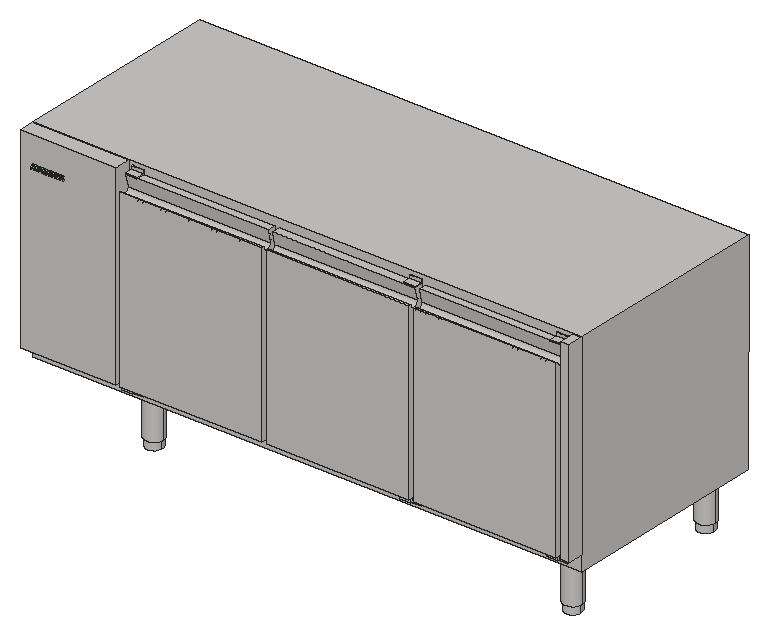
Revit family "QF_ALPENINOX_721123_AA3R7AAA", category Attrezzature speciali, Revit 2018
Family settings
  Quota connettore circolare = Usa diametro
  Tipo di parte = Normale
  Basato su piano di lavoro = No
  Sempre verticale = Sì
  Taglio con vuoti quando caricato = No
  Condiviso = No
  Punto di calcolo locali = No
Parameters (values of type "Standard")
  Weight = 110.00 kg
  Watts = 220 W
  Volts = 220 V
  URL Manufacturer = "http://www.alpeninox.com"
  URL = "http://www.alpeninox.com"
  Steam Supply Size = 0 mm
  Steam Supply Minimum Pressure = 0.0 Pa
  Steam Supply Maximum Pressure = 0.0 Pa
  Steam Consumption per Hour = 0
  Refrigeration Suction Line Size = 0 mm
  Refrigeration Liquid Line Size = 0 mm
  Refrigerant Compressor Remote = yes
  Produttore = "Alpeninox"
  Phase = 1
  Modello = "AA3R7AAA"
  Length Actual = 1695 mm  # constant formula
  Item Number = "721123"
  Hot Water Size = 0 mm
  Height Actual = 800 mm  # constant formula
  HP = "0.3 HP"
  Gas Size = 0 mm
  Gas KW = 0
  Gas Input Pressure = 0 W
  Direct Waste Size = 0 mm
  Descrizione = "3-DOOR REFRIGERATED COUNTER, -2+10°C, FULL AISI 304 (R290), WITHOUT WORK TOP"
  Depth Actual = 700 mm  # constant formula
  Cycle = 50 Hz
  Condensate Return Size = 0 mm
  Compressed Air Volume = 0.0 L/s
  Compressed Air Size = 0 mm
  Compressed Air Pressure = 0.0 Pa
  Cold Water Size = 0 mm
  Accessory = yes
Values of the unnamed type that differ from the named types
  Weight = 0.00 kg
  Watts = 0 W
  Volts = 0 V
  URL Manufacturer = ""
  Item Number = ""
  HP = ""
  Cycle = 0 Hz
Reference planes
  plane 1: z = 0
  plane 2 "Center (Left/Right)": x = -126.5
  plane 3 "Center (Front/Back)": y = 64.5
  plane 4 "FEET": z = 150
  plane 5 "TOP": z = 850
  plane 6 "PLAIN": z = 800
  plane 7 "EI_back": y = 103
  plane 8 "EI_left": x = -913
  plane 9 "BACK": y = 412
  plane 10 "FRONT": y = -283
  plane 11 "DOOR": y = -233
  plane 12 "LEFT": x = -974
  plane 13 "RIGHT": x = 721
  plane 14: x = -949
  plane 15: x = 696
Forms (mm)
  Extrusion 1, solid, material "QF_Finishes_Stainless Steel"
    sketch origin (-1022.223, -1524, 150) x (-1, 0, 0) y (0, -1, 0)
      loop
        circle (-109.223, -1627) r 5
    from 0 to -40
  Extrusion 2, solid, material "QF_Finishes_Stainless Steel"
    sketch origin (-1022.223, -1524, 150) x (-1, 0, 0) y (0, -1, 0)
      loop
        line (-1718.223, -1291) -> (-1718.223, -1241) -> (-1743.223, -1241) -> (-1743.223, -1291) -> (-1718.223, -1291)
    from 48 to 650
  Extrusion 3, solid, material "QF_Finishes_Stainless Steel"
    sketch origin (-1022.223, -1524, 150) x (-1, 0, 0) y (0, -1, 0)
      loop
        line (-48.223, -1936) -> (-48.223, -1291) -> (-1743.223, -1291) -> (-1743.223, -1936) -> (-48.223, -1936)
    from 0 to 650
Lines and regions (mm)
  symbolic lines, style "SpecialityEquipmentHiddenLines"
    curve 1: line (-974, 412, 150) -> (721, 412, 150)
    curve 2: line (-974, -283, 150) -> (-974, 412, 150)
    curve 3: line (721, -283, 150) -> (-974, -283, 150)
    curve 4: line (721, 412, 150) -> (721, -283, 150)
    curve 5: line (-974, -233, 150) -> (721, -233, 150)
    curve 6: line (696, -283, 150) -> (696, -233, 150)
Dimensions and locks
  plane 4 "FEET" to level = 150 mm
  plane 11 "DOOR" to plane 10 "FRONT" = 50 mm
  plane 6 "PLAIN" to plane 4 "FEET" = 650 mm
  plane 5 "TOP" to plane 6 "PLAIN" = 50 mm
  plane 12 "LEFT" to plane 14 = 25 mm
  plane 15 to plane 13 "RIGHT" = 25 mm
  plane 9 "BACK" to plane 7 "EI_back" = 309 mm
  plane 12 "LEFT" to plane 8 "EI_left" = 61 mm
  plane 12 "LEFT" to plane 13 "RIGHT" = 1695 mm
  equal spacing: plane 12 "LEFT", plane 2 "Center (Left/Right)", plane 13 "RIGHT"
  plane 9 "BACK" to plane 10 "FRONT" = 695 mm
  equal spacing: plane 9 "BACK", plane 3 "Center (Front/Back)", plane 10 "FRONT"
  aligned and locked: level to plane 1
Automatic sketch dimensions
  Extrusion 1 sketch curve to plane 7 "EI_back" = 0 mm
  Extrusion 1 sketch curve to plane 8 "EI_left" = 0 mm
  Extrusion 2 sketch curve to plane 11 "DOOR" = 0 mm
  Extrusion 2 sketch curve to plane 13 "RIGHT" = 0 mm
  Extrusion 2 sketch curve to plane 10 "FRONT" = 0 mm
  Extrusion 2 sketch curve to plane 15 = 0 mm
  Extrusion 3 sketch curve to plane 9 "BACK" = 0 mm
  Extrusion 3 sketch curve to plane 13 "RIGHT" = 0 mm
  Extrusion 3 sketch curve to plane 11 "DOOR" = 0 mm
  Extrusion 3 sketch curve to plane 12 "LEFT" = 0 mm
  curve 1 to plane 13 "RIGHT" = 0 mm
  curve 6 to plane 10 "FRONT" = 0 mm
  curve 6 to plane 15 = 0 mm
  curve 5 to plane 12 "LEFT" = 0 mm
  curve 6 to plane 11 "DOOR" = 0 mm
  curve 1 to plane 9 "BACK" = 0 mm
  radius of Extrusion 1 sketch curve = 5 mm
Nested families
  nested 1: "HP_Refrigerator" at (721, -283, 0), type "HP_Refrigerator"
  nested 2: "HP_FEET" at (-640, 331, 0), type "HP_FEET"
  nested 3: "HP_FEET" at (655, 331, 0), type "HP_FEET"
  nested 4: "HP_FEET" at (-640, -183, 0), type "HP_FEET"
  nested 5: "HP_FEET" at (655, -183, 0), type "HP_FEET"
  nested 6: "HP_APX_BI_TN_L" at (-767.08, -233, 548) x (1, 0, 0) z (0, -1, 0), type "HP_APX_BI_TN_L"
    with Show Logo yes
  nested 7: "HP_APX_SD_L" at (-446, -233, 458.88) x (1, 0, 0) z (0, -1, 0), type "HP_APX_SD_L"
    with Show Clearance yes
  nested 8: "HP_APX_SD_R" at (8, -233, 458.88) x (1, 0, 0) z (0, -1, 0), type "HP_APX_SD_R"
    with Show Clearance yes
  nested 9: "HP_APX_SD_R" at (462, -233, 458.88) x (1, 0, 0) z (0, -1, 0), type "HP_APX_SD_R"
    with Show Clearance yes
Connectors
  electrical at (-913, 103, 110), driven by "Volts"
    settings: on Extrusion 1, index 1, voltage 220 V, apparent load 0 VA, apparent load phase1 0 VA, apparent load phase2 0 VA, apparent load phase3 0 VA, power factor 1, load classification "Other", number of poles 1, system type 31, power factor state 1, is connector primary yes, connector utility no, sub classification motor no, connector description "Electrical Connection"
Definition of nested family "HP_FEET"
  Parameters
    FEET = 150 mm
  Reference planes
    plane 1 "Center (Front/Back)": y = 0
    plane 2: z = 0
    plane 3 "Center (Left/Right)": x = 0
    plane 4: z = 150
  Forms (mm)
    Revolve 1, solid
      sketch origin (255.05, 0, 608.09) x (0, 0, 1) y (-1, 0, 0)
        loop
          line (-608.09, 255.05) -> (-608.09, 230.05) -> (-583.09, 230.05) -> (-583.09, 226.05) -> (-458.09, 226.05) -> (-458.09, 255.05) -> (-608.09, 255.05)
        axis (-608.09, 255.05) -> (-458.09, 255.05)
      angle from 0 to 360
  Dimensions and locks
    locked: Revolve 1 sketch curve to Revolve 1 sketch curve at 125
    "FEET": plane 4 to plane 2
    aligned and locked: level to plane 2
    aligned and locked: plane 4 to Revolve 1 sketch curve
    aligned and locked: Revolve 1 sketch curve to level
    aligned and locked: plane 3 "Center (Left/Right)" to Revolve 1 sketch curve
  Automatic sketch dimensions
    Revolve 1 sketch curve to plane 3 "Center (Left/Right)" = 0 mm
    Revolve 1 sketch curve to Revolve 1 sketch curve = 25 mm
    Revolve 1 sketch curve to Revolve 1 sketch curve = 29 mm
    plane 4 to Revolve 1 sketch curve = 50 mm
    Revolve 1 sketch curve to Revolve 1 sketch curve = 20 mm
Definition of nested family "HP_APX_BI_TN_L"
  Parameters
    Show Logo [instance] = yes
    Default Elevation = 1219.2 mm
  Reference planes
    plane 1 "Center (Front/Back)": y = -49
    plane 2: z = 0
    plane 3 "Center (Left/Right)": x = -59.92
    plane 4: x = -206.92
    plane 5: x = 87.08
    plane 6: y = 252
    plane 7: y = -350
  Forms (mm)
    Extrusion 1, solid
      sketch origin (0, 0, 0) x (1, 0, 0) y (0, 1, 0)
        loop
          line (-1219.2, 1219.2) -> (-1219.2, -1219.2) -> (1219.2, -1219.2) -> (1219.2, 1219.2) -> (-1219.2, 1219.2)
      from 0 to -304.8
    Extrusion 2, solid
      sketch origin (0, 0, 0) x (1, 0, 0) y (0, 1, 0)
        loop
          line (-206.92, 252) -> (-206.92, -350) -> (87.08, -350) -> (87.08, 252) -> (-206.92, 252)
      from 0 to 50
    Extrusion 3, solid
      sketch origin (0, 0, 0) x (1, 0, 0) y (0, 1, 0)
        loop
          line (-168.675, 170.349) -> (-172.411, 160.318)
          arc (-172.411, 160.318) -> (-171.624, 158.497) -> (-169.837, 159.36) r 1.374
          line (-169.837, 159.36) -> (-169.268, 161.111) -> (-164.1, 161.111) -> (-163.54, 159.379)
          arc (-163.54, 159.379) -> (-161.802, 158.542) -> (-161.049, 160.318) r 1.333
          line (-161.049, 160.318) -> (-164.694, 170.349)
          arc (-164.694, 170.349) -> (-166.685, 171.876) -> (-168.675, 170.349) r 2.06
        loop
          line (-166.681, 169.055) -> (-168.469, 163.655) -> (-164.935, 163.655) -> (-166.681, 169.055)
        loop
          arc (-159.705, 160.042) -> (-159.262, 158.973) -> (-158.194, 158.531) r 1.512
          line (-158.194, 158.531) -> (-153.608, 158.531)
          arc (-153.608, 158.531) -> (-152.337, 159.802) -> (-153.608, 161.074) r 1.272
          line (-153.608, 161.074) -> (-156.917, 161.074) -> (-156.917, 170.328)
          arc (-156.917, 170.328) -> (-158.311, 171.722) -> (-159.705, 170.328) r 1.394
          line (-159.705, 170.328) -> (-159.705, 160.042)
        loop
          line (-151.076, 170.218) -> (-151.076, 159.859)
          arc (-151.076, 159.859) -> (-149.683, 158.466) -> (-148.29, 159.859) r 1.393
          line (-148.29, 159.859) -> (-148.29, 162.882) -> (-146.225, 162.882)
          arc (-146.225, 162.882) -> (-142.999, 163.859) -> (-141.608, 166.928) r 4.082
          arc (-141.608, 166.928) -> (-142.993, 170.272) -> (-146.336, 171.657) r 4.728
          line (-146.336, 171.657) -> (-149.638, 171.657)
          arc (-149.638, 171.657) -> (-150.655, 171.235) -> (-151.076, 170.218) r 1.439
        loop
          line (-148.29, 165.313) -> (-146.388, 165.313)
          arc (-146.388, 165.313) -> (-144.433, 167.268) -> (-146.388, 169.222) r 1.955
          line (-146.388, 169.222) -> (-148.29, 169.222) -> (-148.29, 165.313)
        loop
          arc (-131.184, 166.332) -> (-132.004, 168.2) -> (-133.767, 169.228) r 3.3
          arc (-133.767, 169.228) -> (-136.353, 168.661) -> (-137.611, 166.332) r 3.176
          line (-137.611, 166.332) -> (-131.184, 166.332)
        loop
          line (-137.538, 163.743) -> (-130.544, 163.743)
          arc (-130.544, 163.743) -> (-129.292, 163.916) -> (-128.301, 164.701) r 2.4
          arc (-128.301, 164.701) -> (-128.155, 165.545) -> (-128.212, 166.399) r 3.635
          arc (-128.212, 166.399) -> (-130.364, 170.162) -> (-134.39, 171.769) r 6.579
          arc (-134.39, 171.769) -> (-138.918, 169.706) -> (-140.661, 165.044) r 6.501
          arc (-140.661, 165.044) -> (-139.276, 160.789) -> (-135.401, 158.549) r 6.252
          arc (-135.401, 158.549) -> (-132.922, 158.526) -> (-130.544, 159.232) r 8.361
          arc (-130.544, 159.232) -> (-129.466, 159.781) -> (-128.641, 160.666) r 3.486
          arc (-128.641, 160.666) -> (-128.419, 161.592) -> (-128.828, 162.451) r 1.425
          arc (-128.828, 162.451) -> (-129.368, 162.762) -> (-129.99, 162.762) r 1.203
          arc (-129.99, 162.762) -> (-130.406, 162.59) -> (-130.764, 162.316) r 1.724
          arc (-130.764, 162.316) -> (-131.666, 161.705) -> (-132.646, 161.229) r 7.6
          arc (-132.646, 161.229) -> (-135.676, 161.35) -> (-137.538, 163.743) r 3.6
        loop
          line (-126.669, 170.328) -> (-126.669, 159.859)
          arc (-126.669, 159.859) -> (-125.273, 158.463) -> (-123.878, 159.859) r 1.396
          line (-123.878, 159.859) -> (-123.878, 166.785) -> (-117.946, 159.029)
          arc (-117.946, 159.029) -> (-116.361, 158.51) -> (-115.379, 159.859) r 1.417
          line (-115.379, 159.859) -> (-115.379, 170.328)
          arc (-115.379, 170.328) -> (-116.774, 171.723) -> (-118.169, 170.328) r 1.395
          line (-118.169, 170.328) -> (-118.169, 163.311) -> (-124.101, 171.157)
          arc (-124.101, 171.157) -> (-125.687, 171.678) -> (-126.669, 170.328) r 1.418
        loop
          arc (-113.636, 159.859) -> (-112.241, 158.464) -> (-110.847, 159.859) r 1.394
          line (-110.847, 159.859) -> (-110.847, 170.328)
          arc (-110.847, 170.328) -> (-112.241, 171.723) -> (-113.636, 170.328) r 1.394
          line (-113.636, 170.328) -> (-113.636, 159.859)
        loop
          line (-109.102, 170.328) -> (-109.102, 159.859)
          arc (-109.102, 159.859) -> (-107.706, 158.463) -> (-106.31, 159.859) r 1.396
          line (-106.31, 159.859) -> (-106.31, 166.785) -> (-100.378, 159.029)
          arc (-100.378, 159.029) -> (-98.793, 158.51) -> (-97.812, 159.859) r 1.417
          line (-97.812, 159.859) -> (-97.812, 170.328)
          arc (-97.812, 170.328) -> (-99.207, 171.723) -> (-100.602, 170.328) r 1.395
          line (-100.602, 170.328) -> (-100.602, 163.311) -> (-106.533, 171.157)
          arc (-106.533, 171.157) -> (-108.119, 171.678) -> (-109.102, 170.328) r 1.418
        loop
          arc (-96.345, 165.093) -> (-95.619, 161.877) -> (-93.467, 159.379) r 6.806
          arc (-93.467, 159.379) -> (-91.792, 158.566) -> (-89.948, 158.31) r 5.956
          arc (-89.948, 158.31) -> (-88.104, 158.566) -> (-86.43, 159.379) r 5.956
          arc (-86.43, 159.379) -> (-84.277, 161.877) -> (-83.551, 165.093) r 6.806
          arc (-83.551, 165.093) -> (-84.277, 168.31) -> (-86.43, 170.808) r 6.806
          arc (-86.43, 170.808) -> (-88.104, 171.621) -> (-89.948, 171.877) r 5.956
          arc (-89.948, 171.877) -> (-91.792, 171.621) -> (-93.467, 170.808) r 5.956
          arc (-93.467, 170.808) -> (-95.619, 168.31) -> (-96.345, 165.093) r 6.806
        loop
          arc (-93.425, 165.093) -> (-93.138, 163.212) -> (-92.081, 161.629) r 4.387
          arc (-92.081, 161.629) -> (-91.087, 161.049) -> (-89.948, 160.881) r 3.035
          arc (-89.948, 160.881) -> (-88.809, 161.049) -> (-87.815, 161.629) r 3.035
          arc (-87.815, 161.629) -> (-86.759, 163.212) -> (-86.472, 165.093) r 4.387
          arc (-86.472, 165.093) -> (-86.759, 166.975) -> (-87.815, 168.558) r 4.387
          arc (-87.815, 168.558) -> (-88.809, 169.138) -> (-89.948, 169.306) r 3.035
          arc (-89.948, 169.306) -> (-91.087, 169.138) -> (-92.081, 168.558) r 3.035
          arc (-92.081, 168.558) -> (-93.138, 166.975) -> (-93.425, 165.093) r 4.387
        loop
          line (-83.139, 169.609) -> (-80.126, 165.552) -> (-83.81, 160.652)
          arc (-83.81, 160.652) -> (-83.512, 158.692) -> (-81.559, 159.029) r 1.388
          line (-81.559, 159.029) -> (-78.51, 163.232) -> (-75.461, 159.029)
          arc (-75.461, 159.029) -> (-73.507, 158.692) -> (-73.21, 160.652) r 1.388
          line (-73.21, 160.652) -> (-76.894, 165.552) -> (-73.881, 169.609)
          arc (-73.881, 169.609) -> (-74.249, 171.597) -> (-76.205, 171.084) r 1.38
          line (-76.205, 171.084) -> (-78.51, 167.841) -> (-80.815, 171.084)
          arc (-80.815, 171.084) -> (-82.771, 171.597) -> (-83.139, 169.609) r 1.38
      from 50 to 51.6
    Extrusion 4, solid, not visible
      sketch origin (0, 0, 0) x (1, 0, 0) y (0, 1, 0)
        loop
          line (-206.92, 252) -> (-206.92, -400) -> (87.08, -400) -> (87.08, 252) -> (-206.92, 252)
      from 0 to 50
  Lines and regions (mm)
    Split face 1
      outline origin (0, 0, 50) x (1, 0, 0) y (0, 1, 0)
        loop
          line (87.08, 183) -> (-172.92, 183)
          arc (-172.92, 183) -> (-190.42, 165.5) -> (-172.92, 148) r 17.5
          line (-172.92, 148) -> (87.08, 148)
    Split face 2
      outline origin (-38, 0, 50) x (1, 0, 0) y (0, 1, 0)
        loop
          line (-5.42, 177) -> (-5.42, 154) -> (64.58, 154) -> (64.58, 177) -> (-5.42, 177)
    Split face 3
      outline origin (-38, 0, 50) x (1, 0, 0) y (0, 1, 0)
        loop
          line (44.58, 174) -> (44.58, 157) -> (61.58, 157) -> (61.58, 174) -> (44.58, 174)
    Split face 4
      outline origin (0, 0, 50) x (1, 0, 0) y (0, 1, 0)
        loop
          line (-206.92, 188) -> (87.08, 188)
    Split face 5
      outline origin (0, 0, 50) x (1, 0, 0) y (0, 1, 0)
        loop
          arc (-163.464, 131.824) -> (-167.464, 127.824) -> (-163.464, 123.824) r 4
          line (-163.464, 123.824) -> (-121.464, 123.824)
          arc (-121.464, 123.824) -> (-117.464, 127.824) -> (-121.464, 131.824) r 4
          line (-121.464, 131.824) -> (-163.464, 131.824)
    Split face 6
      outline origin (330, 0, 50) x (1, 0, 0) y (0, 1, 0)
        loop
          arc (-328.464, 131.824) -> (-332.464, 127.824) -> (-328.464, 123.824) r 4
          line (-328.464, 123.824) -> (-286.464, 123.824)
          arc (-286.464, 123.824) -> (-282.464, 127.824) -> (-286.464, 131.824) r 4
          line (-286.464, 131.824) -> (-328.464, 131.824)
    Split face 7
      outline origin (110, 0, 50) x (1, 0, 0) y (0, 1, 0)
        loop
          arc (-218.464, 131.824) -> (-222.464, 127.824) -> (-218.464, 123.824) r 4
          line (-218.464, 123.824) -> (-176.464, 123.824)
          arc (-176.464, 123.824) -> (-172.464, 127.824) -> (-176.464, 131.824) r 4
          line (-176.464, 131.824) -> (-218.464, 131.824)
    Split face 8
      outline origin (220, 0, 50) x (1, 0, 0) y (0, 1, 0)
        loop
          arc (-273.464, 131.824) -> (-277.464, 127.824) -> (-273.464, 123.824) r 4
          line (-273.464, 123.824) -> (-231.464, 123.824)
          arc (-231.464, 123.824) -> (-227.464, 127.824) -> (-231.464, 131.824) r 4
          line (-231.464, 131.824) -> (-273.464, 131.824)
    Split face 9, not visible
      outline origin (0, 0, 50) x (1, 0, 0) y (0, 1, 0)
        loop
          arc (-163.464, 131.824) -> (-167.464, 127.824) -> (-163.464, 123.824) r 4
          line (-163.464, 123.824) -> (-121.464, 123.824)
          arc (-121.464, 123.824) -> (-117.464, 127.824) -> (-121.464, 131.824) r 4
          line (-121.464, 131.824) -> (-163.464, 131.824)
    Split face 10
      outline origin (0, -24, 50) x (1, 0, 0) y (0, 1, 0)
        loop
          arc (-163.464, 143.824) -> (-167.464, 139.824) -> (-163.464, 135.824) r 4
          line (-163.464, 135.824) -> (-121.464, 135.824)
          arc (-121.464, 135.824) -> (-117.464, 139.824) -> (-121.464, 143.824) r 4
          line (-121.464, 143.824) -> (-163.464, 143.824)
    Split face 11
      outline origin (330, -24, 50) x (1, 0, 0) y (0, 1, 0)
        loop
          arc (-328.464, 143.824) -> (-332.464, 139.824) -> (-328.464, 135.824) r 4
          line (-328.464, 135.824) -> (-286.464, 135.824)
          arc (-286.464, 135.824) -> (-282.464, 139.824) -> (-286.464, 143.824) r 4
          line (-286.464, 143.824) -> (-328.464, 143.824)
    Split face 12
      outline origin (110, -24, 50) x (1, 0, 0) y (0, 1, 0)
        loop
          arc (-218.464, 143.824) -> (-222.464, 139.824) -> (-218.464, 135.824) r 4
          line (-218.464, 135.824) -> (-176.464, 135.824)
          arc (-176.464, 135.824) -> (-172.464, 139.824) -> (-176.464, 143.824) r 4
          line (-176.464, 143.824) -> (-218.464, 143.824)
    Split face 13
      outline origin (220, -24, 50) x (1, 0, 0) y (0, 1, 0)
        loop
          arc (-273.464, 143.824) -> (-277.464, 139.824) -> (-273.464, 135.824) r 4
          line (-273.464, 135.824) -> (-231.464, 135.824)
          arc (-231.464, 135.824) -> (-227.464, 139.824) -> (-231.464, 143.824) r 4
          line (-231.464, 143.824) -> (-273.464, 143.824)
    Split face 14
      outline origin (0, -48, 50) x (1, 0, 0) y (0, 1, 0)
        loop
          arc (-163.464, 155.824) -> (-167.464, 151.824) -> (-163.464, 147.824) r 4
          line (-163.464, 147.824) -> (-121.464, 147.824)
          arc (-121.464, 147.824) -> (-117.464, 151.824) -> (-121.464, 155.824) r 4
          line (-121.464, 155.824) -> (-163.464, 155.824)
    Split face 15
      outline origin (330, -48, 50) x (1, 0, 0) y (0, 1, 0)
        loop
          arc (-328.464, 155.824) -> (-332.464, 151.824) -> (-328.464, 147.824) r 4
          line (-328.464, 147.824) -> (-286.464, 147.824)
          arc (-286.464, 147.824) -> (-282.464, 151.824) -> (-286.464, 155.824) r 4
          line (-286.464, 155.824) -> (-328.464, 155.824)
    Split face 16
      outline origin (110, -48, 50) x (1, 0, 0) y (0, 1, 0)
        loop
          arc (-218.464, 155.824) -> (-222.464, 151.824) -> (-218.464, 147.824) r 4
          line (-218.464, 147.824) -> (-176.464, 147.824)
          arc (-176.464, 147.824) -> (-172.464, 151.824) -> (-176.464, 155.824) r 4
          line (-176.464, 155.824) -> (-218.464, 155.824)
    Split face 17
      outline origin (220, -48, 50) x (1, 0, 0) y (0, 1, 0)
        loop
          arc (-273.464, 155.824) -> (-277.464, 151.824) -> (-273.464, 147.824) r 4
          line (-273.464, 147.824) -> (-231.464, 147.824)
          arc (-231.464, 147.824) -> (-227.464, 151.824) -> (-231.464, 155.824) r 4
          line (-231.464, 155.824) -> (-273.464, 155.824)
    Split face 18
      outline origin (0, -72, 50) x (1, 0, 0) y (0, 1, 0)
        loop
          arc (-163.464, 167.824) -> (-167.464, 163.824) -> (-163.464, 159.824) r 4
          line (-163.464, 159.824) -> (-121.464, 159.824)
          arc (-121.464, 159.824) -> (-117.464, 163.824) -> (-121.464, 167.824) r 4
          line (-121.464, 167.824) -> (-163.464, 167.824)
    Split face 19
      outline origin (330, -72, 50) x (1, 0, 0) y (0, 1, 0)
        loop
          arc (-328.464, 167.824) -> (-332.464, 163.824) -> (-328.464, 159.824) r 4
          line (-328.464, 159.824) -> (-286.464, 159.824)
          arc (-286.464, 159.824) -> (-282.464, 163.824) -> (-286.464, 167.824) r 4
          line (-286.464, 167.824) -> (-328.464, 167.824)
    Split face 20
      outline origin (110, -72, 50) x (1, 0, 0) y (0, 1, 0)
        loop
          arc (-218.464, 167.824) -> (-222.464, 163.824) -> (-218.464, 159.824) r 4
          line (-218.464, 159.824) -> (-176.464, 159.824)
          arc (-176.464, 159.824) -> (-172.464, 163.824) -> (-176.464, 167.824) r 4
          line (-176.464, 167.824) -> (-218.464, 167.824)
    Split face 21
      outline origin (220, -72, 50) x (1, 0, 0) y (0, 1, 0)
        loop
          arc (-273.464, 167.824) -> (-277.464, 163.824) -> (-273.464, 159.824) r 4
          line (-273.464, 159.824) -> (-231.464, 159.824)
          arc (-231.464, 159.824) -> (-227.464, 163.824) -> (-231.464, 167.824) r 4
          line (-231.464, 167.824) -> (-273.464, 167.824)
    Split face 22
      outline origin (0, -96, 50) x (1, 0, 0) y (0, 1, 0)
        loop
          arc (-163.464, 179.824) -> (-167.464, 175.824) -> (-163.464, 171.824) r 4
          line (-163.464, 171.824) -> (-121.464, 171.824)
          arc (-121.464, 171.824) -> (-117.464, 175.824) -> (-121.464, 179.824) r 4
          line (-121.464, 179.824) -> (-163.464, 179.824)
    Split face 23
      outline origin (330, -96, 50) x (1, 0, 0) y (0, 1, 0)
        loop
          arc (-328.464, 179.824) -> (-332.464, 175.824) -> (-328.464, 171.824) r 4
          line (-328.464, 171.824) -> (-286.464, 171.824)
          arc (-286.464, 171.824) -> (-282.464, 175.824) -> (-286.464, 179.824) r 4
          line (-286.464, 179.824) -> (-328.464, 179.824)
    Split face 24
      outline origin (110, -96, 50) x (1, 0, 0) y (0, 1, 0)
        loop
          arc (-218.464, 179.824) -> (-222.464, 175.824) -> (-218.464, 171.824) r 4
          line (-218.464, 171.824) -> (-176.464, 171.824)
          arc (-176.464, 171.824) -> (-172.464, 175.824) -> (-176.464, 179.824) r 4
          line (-176.464, 179.824) -> (-218.464, 179.824)
    Split face 25
      outline origin (220, -96, 50) x (1, 0, 0) y (0, 1, 0)
        loop
          arc (-273.464, 179.824) -> (-277.464, 175.824) -> (-273.464, 171.824) r 4
          line (-273.464, 171.824) -> (-231.464, 171.824)
          arc (-231.464, 171.824) -> (-227.464, 175.824) -> (-231.464, 179.824) r 4
          line (-231.464, 179.824) -> (-273.464, 179.824)
    Split face 26
      outline origin (0, -120, 50) x (1, 0, 0) y (0, 1, 0)
        loop
          arc (-163.464, 191.824) -> (-167.464, 187.824) -> (-163.464, 183.824) r 4
          line (-163.464, 183.824) -> (-121.464, 183.824)
          arc (-121.464, 183.824) -> (-117.464, 187.824) -> (-121.464, 191.824) r 4
          line (-121.464, 191.824) -> (-163.464, 191.824)
    Split face 27
      outline origin (330, -120, 50) x (1, 0, 0) y (0, 1, 0)
        loop
          arc (-328.464, 191.824) -> (-332.464, 187.824) -> (-328.464, 183.824) r 4
          line (-328.464, 183.824) -> (-286.464, 183.824)
          arc (-286.464, 183.824) -> (-282.464, 187.824) -> (-286.464, 191.824) r 4
          line (-286.464, 191.824) -> (-328.464, 191.824)
    Split face 28
      outline origin (110, -120, 50) x (1, 0, 0) y (0, 1, 0)
        loop
          arc (-218.464, 191.824) -> (-222.464, 187.824) -> (-218.464, 183.824) r 4
          line (-218.464, 183.824) -> (-176.464, 183.824)
          arc (-176.464, 183.824) -> (-172.464, 187.824) -> (-176.464, 191.824) r 4
          line (-176.464, 191.824) -> (-218.464, 191.824)
    Split face 29
      outline origin (220, -120, 50) x (1, 0, 0) y (0, 1, 0)
        loop
          arc (-273.464, 191.824) -> (-277.464, 187.824) -> (-273.464, 183.824) r 4
          line (-273.464, 183.824) -> (-231.464, 183.824)
          arc (-231.464, 183.824) -> (-227.464, 187.824) -> (-231.464, 191.824) r 4
          line (-231.464, 191.824) -> (-273.464, 191.824)
    Split face 30
      outline origin (0, -144, 50) x (1, 0, 0) y (0, 1, 0)
        loop
          arc (-163.464, 203.824) -> (-167.464, 199.824) -> (-163.464, 195.824) r 4
          line (-163.464, 195.824) -> (-121.464, 195.824)
          arc (-121.464, 195.824) -> (-117.464, 199.824) -> (-121.464, 203.824) r 4
          line (-121.464, 203.824) -> (-163.464, 203.824)
    Split face 31
      outline origin (330, -144, 50) x (1, 0, 0) y (0, 1, 0)
        loop
          arc (-328.464, 203.824) -> (-332.464, 199.824) -> (-328.464, 195.824) r 4
          line (-328.464, 195.824) -> (-286.464, 195.824)
          arc (-286.464, 195.824) -> (-282.464, 199.824) -> (-286.464, 203.824) r 4
          line (-286.464, 203.824) -> (-328.464, 203.824)
    Split face 32
      outline origin (110, -144, 50) x (1, 0, 0) y (0, 1, 0)
        loop
          arc (-218.464, 203.824) -> (-222.464, 199.824) -> (-218.464, 195.824) r 4
          line (-218.464, 195.824) -> (-176.464, 195.824)
          arc (-176.464, 195.824) -> (-172.464, 199.824) -> (-176.464, 203.824) r 4
          line (-176.464, 203.824) -> (-218.464, 203.824)
    Split face 33
      outline origin (220, -144, 50) x (1, 0, 0) y (0, 1, 0)
        loop
          arc (-273.464, 203.824) -> (-277.464, 199.824) -> (-273.464, 195.824) r 4
          line (-273.464, 195.824) -> (-231.464, 195.824)
          arc (-231.464, 195.824) -> (-227.464, 199.824) -> (-231.464, 203.824) r 4
          line (-231.464, 203.824) -> (-273.464, 203.824)
    Split face 34
      outline origin (0, -168, 50) x (1, 0, 0) y (0, 1, 0)
        loop
          arc (-163.464, 215.824) -> (-167.464, 211.824) -> (-163.464, 207.824) r 4
          line (-163.464, 207.824) -> (-121.464, 207.824)
          arc (-121.464, 207.824) -> (-117.464, 211.824) -> (-121.464, 215.824) r 4
          line (-121.464, 215.824) -> (-163.464, 215.824)
    Split face 35
      outline origin (330, -168, 50) x (1, 0, 0) y (0, 1, 0)
        loop
          arc (-328.464, 215.824) -> (-332.464, 211.824) -> (-328.464, 207.824) r 4
          line (-328.464, 207.824) -> (-286.464, 207.824)
          arc (-286.464, 207.824) -> (-282.464, 211.824) -> (-286.464, 215.824) r 4
          line (-286.464, 215.824) -> (-328.464, 215.824)
    Split face 36
      outline origin (110, -168, 50) x (1, 0, 0) y (0, 1, 0)
        loop
          arc (-218.464, 215.824) -> (-222.464, 211.824) -> (-218.464, 207.824) r 4
          line (-218.464, 207.824) -> (-176.464, 207.824)
          arc (-176.464, 207.824) -> (-172.464, 211.824) -> (-176.464, 215.824) r 4
          line (-176.464, 215.824) -> (-218.464, 215.824)
    Split face 37
      outline origin (220, -168, 50) x (1, 0, 0) y (0, 1, 0)
        loop
          arc (-273.464, 215.824) -> (-277.464, 211.824) -> (-273.464, 207.824) r 4
          line (-273.464, 207.824) -> (-231.464, 207.824)
          arc (-231.464, 207.824) -> (-227.464, 211.824) -> (-231.464, 215.824) r 4
          line (-231.464, 215.824) -> (-273.464, 215.824)
    Split face 38
      outline origin (0, -192, 50) x (1, 0, 0) y (0, 1, 0)
        loop
          arc (-163.464, 227.824) -> (-167.464, 223.824) -> (-163.464, 219.824) r 4
          line (-163.464, 219.824) -> (-121.464, 219.824)
          arc (-121.464, 219.824) -> (-117.464, 223.824) -> (-121.464, 227.824) r 4
          line (-121.464, 227.824) -> (-163.464, 227.824)
    Split face 39
      outline origin (330, -192, 50) x (1, 0, 0) y (0, 1, 0)
        loop
          arc (-328.464, 227.824) -> (-332.464, 223.824) -> (-328.464, 219.824) r 4
          line (-328.464, 219.824) -> (-286.464, 219.824)
          arc (-286.464, 219.824) -> (-282.464, 223.824) -> (-286.464, 227.824) r 4
          line (-286.464, 227.824) -> (-328.464, 227.824)
    Split face 40
      outline origin (110, -192, 50) x (1, 0, 0) y (0, 1, 0)
        loop
          arc (-218.464, 227.824) -> (-222.464, 223.824) -> (-218.464, 219.824) r 4
          line (-218.464, 219.824) -> (-176.464, 219.824)
          arc (-176.464, 219.824) -> (-172.464, 223.824) -> (-176.464, 227.824) r 4
          line (-176.464, 227.824) -> (-218.464, 227.824)
    Split face 41
      outline origin (220, -192, 50) x (1, 0, 0) y (0, 1, 0)
        loop
          arc (-273.464, 227.824) -> (-277.464, 223.824) -> (-273.464, 219.824) r 4
          line (-273.464, 219.824) -> (-231.464, 219.824)
          arc (-231.464, 219.824) -> (-227.464, 223.824) -> (-231.464, 227.824) r 4
          line (-231.464, 227.824) -> (-273.464, 227.824)
    Split face 42
      outline origin (0, -216, 50) x (1, 0, 0) y (0, 1, 0)
        loop
          arc (-163.464, 239.824) -> (-167.464, 235.824) -> (-163.464, 231.824) r 4
          line (-163.464, 231.824) -> (-121.464, 231.824)
          arc (-121.464, 231.824) -> (-117.464, 235.824) -> (-121.464, 239.824) r 4
          line (-121.464, 239.824) -> (-163.464, 239.824)
    Split face 43
      outline origin (330, -216, 50) x (1, 0, 0) y (0, 1, 0)
        loop
          arc (-328.464, 239.824) -> (-332.464, 235.824) -> (-328.464, 231.824) r 4
          line (-328.464, 231.824) -> (-286.464, 231.824)
          arc (-286.464, 231.824) -> (-282.464, 235.824) -> (-286.464, 239.824) r 4
          line (-286.464, 239.824) -> (-328.464, 239.824)
    Split face 44
      outline origin (110, -216, 50) x (1, 0, 0) y (0, 1, 0)
        loop
          arc (-218.464, 239.824) -> (-222.464, 235.824) -> (-218.464, 231.824) r 4
          line (-218.464, 231.824) -> (-176.464, 231.824)
          arc (-176.464, 231.824) -> (-172.464, 235.824) -> (-176.464, 239.824) r 4
          line (-176.464, 239.824) -> (-218.464, 239.824)
    Split face 45
      outline origin (220, -216, 50) x (1, 0, 0) y (0, 1, 0)
        loop
          arc (-273.464, 239.824) -> (-277.464, 235.824) -> (-273.464, 231.824) r 4
          line (-273.464, 231.824) -> (-231.464, 231.824)
          arc (-231.464, 231.824) -> (-227.464, 235.824) -> (-231.464, 239.824) r 4
          line (-231.464, 239.824) -> (-273.464, 239.824)
    Split face 46
      outline origin (0, -240, 50) x (1, 0, 0) y (0, 1, 0)
        loop
          arc (-163.464, 251.824) -> (-167.464, 247.824) -> (-163.464, 243.824) r 4
          line (-163.464, 243.824) -> (-121.464, 243.824)
          arc (-121.464, 243.824) -> (-117.464, 247.824) -> (-121.464, 251.824) r 4
          line (-121.464, 251.824) -> (-163.464, 251.824)
    Split face 47
      outline origin (330, -240, 50) x (1, 0, 0) y (0, 1, 0)
        loop
          arc (-328.464, 251.824) -> (-332.464, 247.824) -> (-328.464, 243.824) r 4
          line (-328.464, 243.824) -> (-286.464, 243.824)
          arc (-286.464, 243.824) -> (-282.464, 247.824) -> (-286.464, 251.824) r 4
          line (-286.464, 251.824) -> (-328.464, 251.824)
    Split face 48
      outline origin (110, -240, 50) x (1, 0, 0) y (0, 1, 0)
        loop
          arc (-218.464, 251.824) -> (-222.464, 247.824) -> (-218.464, 243.824) r 4
          line (-218.464, 243.824) -> (-176.464, 243.824)
          arc (-176.464, 243.824) -> (-172.464, 247.824) -> (-176.464, 251.824) r 4
          line (-176.464, 251.824) -> (-218.464, 251.824)
    Split face 49
      outline origin (220, -240, 50) x (1, 0, 0) y (0, 1, 0)
        loop
          arc (-273.464, 251.824) -> (-277.464, 247.824) -> (-273.464, 243.824) r 4
          line (-273.464, 243.824) -> (-231.464, 243.824)
          arc (-231.464, 243.824) -> (-227.464, 247.824) -> (-231.464, 251.824) r 4
          line (-231.464, 251.824) -> (-273.464, 251.824)
    Split face 50
      outline origin (0, -264, 50) x (1, 0, 0) y (0, 1, 0)
        loop
          arc (-163.464, 263.824) -> (-167.464, 259.824) -> (-163.464, 255.824) r 4
          line (-163.464, 255.824) -> (-121.464, 255.824)
          arc (-121.464, 255.824) -> (-117.464, 259.824) -> (-121.464, 263.824) r 4
          line (-121.464, 263.824) -> (-163.464, 263.824)
    Split face 51
      outline origin (330, -264, 50) x (1, 0, 0) y (0, 1, 0)
        loop
          arc (-328.464, 263.824) -> (-332.464, 259.824) -> (-328.464, 255.824) r 4
          line (-328.464, 255.824) -> (-286.464, 255.824)
          arc (-286.464, 255.824) -> (-282.464, 259.824) -> (-286.464, 263.824) r 4
          line (-286.464, 263.824) -> (-328.464, 263.824)
    Split face 52
      outline origin (110, -264, 50) x (1, 0, 0) y (0, 1, 0)
        loop
          arc (-218.464, 263.824) -> (-222.464, 259.824) -> (-218.464, 255.824) r 4
          line (-218.464, 255.824) -> (-176.464, 255.824)
          arc (-176.464, 255.824) -> (-172.464, 259.824) -> (-176.464, 263.824) r 4
          line (-176.464, 263.824) -> (-218.464, 263.824)
    Split face 53
      outline origin (220, -264, 50) x (1, 0, 0) y (0, 1, 0)
        loop
          arc (-273.464, 263.824) -> (-277.464, 259.824) -> (-273.464, 255.824) r 4
          line (-273.464, 255.824) -> (-231.464, 255.824)
          arc (-231.464, 255.824) -> (-227.464, 259.824) -> (-231.464, 263.824) r 4
          line (-231.464, 263.824) -> (-273.464, 263.824)
    Split face 54
      outline origin (0, -288, 50) x (1, 0, 0) y (0, 1, 0)
        loop
          arc (-163.464, 275.824) -> (-167.464, 271.824) -> (-163.464, 267.824) r 4
          line (-163.464, 267.824) -> (-121.464, 267.824)
          arc (-121.464, 267.824) -> (-117.464, 271.824) -> (-121.464, 275.824) r 4
          line (-121.464, 275.824) -> (-163.464, 275.824)
    Split face 55
      outline origin (330, -288, 50) x (1, 0, 0) y (0, 1, 0)
        loop
          arc (-328.464, 275.824) -> (-332.464, 271.824) -> (-328.464, 267.824) r 4
          line (-328.464, 267.824) -> (-286.464, 267.824)
          arc (-286.464, 267.824) -> (-282.464, 271.824) -> (-286.464, 275.824) r 4
          line (-286.464, 275.824) -> (-328.464, 275.824)
    Split face 56
      outline origin (110, -288, 50) x (1, 0, 0) y (0, 1, 0)
        loop
          arc (-218.464, 275.824) -> (-222.464, 271.824) -> (-218.464, 267.824) r 4
          line (-218.464, 267.824) -> (-176.464, 267.824)
          arc (-176.464, 267.824) -> (-172.464, 271.824) -> (-176.464, 275.824) r 4
          line (-176.464, 275.824) -> (-218.464, 275.824)
    Split face 57
      outline origin (220, -288, 50) x (1, 0, 0) y (0, 1, 0)
        loop
          arc (-273.464, 275.824) -> (-277.464, 271.824) -> (-273.464, 267.824) r 4
          line (-273.464, 267.824) -> (-231.464, 267.824)
          arc (-231.464, 267.824) -> (-227.464, 271.824) -> (-231.464, 275.824) r 4
          line (-231.464, 275.824) -> (-273.464, 275.824)
    Split face 58
      outline origin (0, -312, 50) x (1, 0, 0) y (0, 1, 0)
        loop
          arc (-163.464, 287.824) -> (-167.464, 283.824) -> (-163.464, 279.824) r 4
          line (-163.464, 279.824) -> (-121.464, 279.824)
          arc (-121.464, 279.824) -> (-117.464, 283.824) -> (-121.464, 287.824) r 4
          line (-121.464, 287.824) -> (-163.464, 287.824)
    Split face 59
      outline origin (330, -312, 50) x (1, 0, 0) y (0, 1, 0)
        loop
          arc (-328.464, 287.824) -> (-332.464, 283.824) -> (-328.464, 279.824) r 4
          line (-328.464, 279.824) -> (-286.464, 279.824)
          arc (-286.464, 279.824) -> (-282.464, 283.824) -> (-286.464, 287.824) r 4
          line (-286.464, 287.824) -> (-328.464, 287.824)
    Split face 60
      outline origin (110, -312, 50) x (1, 0, 0) y (0, 1, 0)
        loop
          arc (-218.464, 287.824) -> (-222.464, 283.824) -> (-218.464, 279.824) r 4
          line (-218.464, 279.824) -> (-176.464, 279.824)
          arc (-176.464, 279.824) -> (-172.464, 283.824) -> (-176.464, 287.824) r 4
          line (-176.464, 287.824) -> (-218.464, 287.824)
    Split face 61
      outline origin (220, -312, 50) x (1, 0, 0) y (0, 1, 0)
        loop
          arc (-273.464, 287.824) -> (-277.464, 283.824) -> (-273.464, 279.824) r 4
          line (-273.464, 279.824) -> (-231.464, 279.824)
          arc (-231.464, 279.824) -> (-227.464, 283.824) -> (-231.464, 287.824) r 4
          line (-231.464, 287.824) -> (-273.464, 287.824)
    Split face 62
      outline origin (0, -336, 50) x (1, 0, 0) y (0, 1, 0)
        loop
          arc (-163.464, 299.824) -> (-167.464, 295.824) -> (-163.464, 291.824) r 4
          line (-163.464, 291.824) -> (-121.464, 291.824)
          arc (-121.464, 291.824) -> (-117.464, 295.824) -> (-121.464, 299.824) r 4
          line (-121.464, 299.824) -> (-163.464, 299.824)
    Split face 63
      outline origin (330, -336, 50) x (1, 0, 0) y (0, 1, 0)
        loop
          arc (-328.464, 299.824) -> (-332.464, 295.824) -> (-328.464, 291.824) r 4
          line (-328.464, 291.824) -> (-286.464, 291.824)
          arc (-286.464, 291.824) -> (-282.464, 295.824) -> (-286.464, 299.824) r 4
          line (-286.464, 299.824) -> (-328.464, 299.824)
    Split face 64
      outline origin (110, -336, 50) x (1, 0, 0) y (0, 1, 0)
        loop
          arc (-218.464, 299.824) -> (-222.464, 295.824) -> (-218.464, 291.824) r 4
          line (-218.464, 291.824) -> (-176.464, 291.824)
          arc (-176.464, 291.824) -> (-172.464, 295.824) -> (-176.464, 299.824) r 4
          line (-176.464, 299.824) -> (-218.464, 299.824)
    Split face 65
      outline origin (220, -336, 50) x (1, 0, 0) y (0, 1, 0)
        loop
          arc (-273.464, 299.824) -> (-277.464, 295.824) -> (-273.464, 291.824) r 4
          line (-273.464, 291.824) -> (-231.464, 291.824)
          arc (-231.464, 291.824) -> (-227.464, 295.824) -> (-231.464, 299.824) r 4
          line (-231.464, 299.824) -> (-273.464, 299.824)
    Split face 66
      outline origin (0, -360, 50) x (1, 0, 0) y (0, 1, 0)
        loop
          arc (-163.464, 311.824) -> (-167.464, 307.824) -> (-163.464, 303.824) r 4
          line (-163.464, 303.824) -> (-121.464, 303.824)
          arc (-121.464, 303.824) -> (-117.464, 307.824) -> (-121.464, 311.824) r 4
          line (-121.464, 311.824) -> (-163.464, 311.824)
    Split face 67
      outline origin (330, -360, 50) x (1, 0, 0) y (0, 1, 0)
        loop
          arc (-328.464, 311.824) -> (-332.464, 307.824) -> (-328.464, 303.824) r 4
          line (-328.464, 303.824) -> (-286.464, 303.824)
          arc (-286.464, 303.824) -> (-282.464, 307.824) -> (-286.464, 311.824) r 4
          line (-286.464, 311.824) -> (-328.464, 311.824)
    Split face 68
      outline origin (110, -360, 50) x (1, 0, 0) y (0, 1, 0)
        loop
          arc (-218.464, 311.824) -> (-222.464, 307.824) -> (-218.464, 303.824) r 4
          line (-218.464, 303.824) -> (-176.464, 303.824)
          arc (-176.464, 303.824) -> (-172.464, 307.824) -> (-176.464, 311.824) r 4
          line (-176.464, 311.824) -> (-218.464, 311.824)
    Split face 69
      outline origin (220, -360, 50) x (1, 0, 0) y (0, 1, 0)
        loop
          arc (-273.464, 311.824) -> (-277.464, 307.824) -> (-273.464, 303.824) r 4
          line (-273.464, 303.824) -> (-231.464, 303.824)
          arc (-231.464, 303.824) -> (-227.464, 307.824) -> (-231.464, 311.824) r 4
          line (-231.464, 311.824) -> (-273.464, 311.824)
    Split face 70
      outline origin (0, 0, 50) x (1, 0, 0) y (0, 1, 0)
        loop
          line (-206.92, 143) -> (87.08, 143)
    Split face 71
      outline origin (0, -663.3, 50) x (1, 0, 0) y (0, 1, 0)
        loop
          arc (-163.464, 513.474) -> (-167.464, 509.474) -> (-163.464, 505.474) r 4
          line (-163.464, 505.474) -> (-121.464, 505.474)
          arc (-121.464, 505.474) -> (-117.464, 509.474) -> (-121.464, 513.474) r 4
          line (-121.464, 513.474) -> (-163.464, 513.474)
    Split face 72
      outline origin (330, -663.3, 50) x (1, 0, 0) y (0, 1, 0)
        loop
          arc (-328.464, 513.474) -> (-332.464, 509.474) -> (-328.464, 505.474) r 4
          line (-328.464, 505.474) -> (-286.464, 505.474)
          arc (-286.464, 505.474) -> (-282.464, 509.474) -> (-286.464, 513.474) r 4
          line (-286.464, 513.474) -> (-328.464, 513.474)
    Split face 73
      outline origin (110, -663.3, 50) x (1, 0, 0) y (0, 1, 0)
        loop
          arc (-218.464, 513.474) -> (-222.464, 509.474) -> (-218.464, 505.474) r 4
          line (-218.464, 505.474) -> (-176.464, 505.474)
          arc (-176.464, 505.474) -> (-172.464, 509.474) -> (-176.464, 513.474) r 4
          line (-176.464, 513.474) -> (-218.464, 513.474)
    Split face 74
      outline origin (220, -663.3, 50) x (1, 0, 0) y (0, 1, 0)
        loop
          arc (-273.464, 513.474) -> (-277.464, 509.474) -> (-273.464, 505.474) r 4
          line (-273.464, 505.474) -> (-231.464, 505.474)
          arc (-231.464, 505.474) -> (-227.464, 509.474) -> (-231.464, 513.474) r 4
          line (-231.464, 513.474) -> (-273.464, 513.474)
    Split face 75
      outline origin (0, -687.3, 50) x (1, 0, 0) y (0, 1, 0)
        loop
          arc (-163.464, 525.474) -> (-167.464, 521.474) -> (-163.464, 517.474) r 4
          line (-163.464, 517.474) -> (-121.464, 517.474)
          arc (-121.464, 517.474) -> (-117.464, 521.474) -> (-121.464, 525.474) r 4
          line (-121.464, 525.474) -> (-163.464, 525.474)
    Split face 76
      outline origin (330, -687.3, 50) x (1, 0, 0) y (0, 1, 0)
        loop
          arc (-328.464, 525.474) -> (-332.464, 521.474) -> (-328.464, 517.474) r 4
          line (-328.464, 517.474) -> (-286.464, 517.474)
          arc (-286.464, 517.474) -> (-282.464, 521.474) -> (-286.464, 525.474) r 4
          line (-286.464, 525.474) -> (-328.464, 525.474)
    Split face 77
      outline origin (110, -687.3, 50) x (1, 0, 0) y (0, 1, 0)
        loop
          arc (-218.464, 525.474) -> (-222.464, 521.474) -> (-218.464, 517.474) r 4
          line (-218.464, 517.474) -> (-176.464, 517.474)
          arc (-176.464, 517.474) -> (-172.464, 521.474) -> (-176.464, 525.474) r 4
          line (-176.464, 525.474) -> (-218.464, 525.474)
    Split face 78
      outline origin (220, -687.3, 50) x (1, 0, 0) y (0, 1, 0)
        loop
          arc (-273.464, 525.474) -> (-277.464, 521.474) -> (-273.464, 517.474) r 4
          line (-273.464, 517.474) -> (-231.464, 517.474)
          arc (-231.464, 517.474) -> (-227.464, 521.474) -> (-231.464, 525.474) r 4
          line (-231.464, 525.474) -> (-273.464, 525.474)
    Split face 79
      outline origin (0, -711.3, 50) x (1, 0, 0) y (0, 1, 0)
        loop
          arc (-163.464, 537.474) -> (-167.464, 533.474) -> (-163.464, 529.474) r 4
          line (-163.464, 529.474) -> (-121.464, 529.474)
          arc (-121.464, 529.474) -> (-117.464, 533.474) -> (-121.464, 537.474) r 4
          line (-121.464, 537.474) -> (-163.464, 537.474)
    Split face 80
      outline origin (330, -711.3, 50) x (1, 0, 0) y (0, 1, 0)
        loop
          arc (-328.464, 537.474) -> (-332.464, 533.474) -> (-328.464, 529.474) r 4
          line (-328.464, 529.474) -> (-286.464, 529.474)
          arc (-286.464, 529.474) -> (-282.464, 533.474) -> (-286.464, 537.474) r 4
          line (-286.464, 537.474) -> (-328.464, 537.474)
    Split face 81
      outline origin (110, -711.3, 50) x (1, 0, 0) y (0, 1, 0)
        loop
          arc (-218.464, 537.474) -> (-222.464, 533.474) -> (-218.464, 529.474) r 4
          line (-218.464, 529.474) -> (-176.464, 529.474)
          arc (-176.464, 529.474) -> (-172.464, 533.474) -> (-176.464, 537.474) r 4
          line (-176.464, 537.474) -> (-218.464, 537.474)
    Split face 82
      outline origin (220, -711.3, 50) x (1, 0, 0) y (0, 1, 0)
        loop
          arc (-273.464, 537.474) -> (-277.464, 533.474) -> (-273.464, 529.474) r 4
          line (-273.464, 529.474) -> (-231.464, 529.474)
          arc (-231.464, 529.474) -> (-227.464, 533.474) -> (-231.464, 537.474) r 4
          line (-231.464, 537.474) -> (-273.464, 537.474)
    Split face 83
      outline origin (0, -735.3, 50) x (1, 0, 0) y (0, 1, 0)
        loop
          arc (-163.464, 549.474) -> (-167.464, 545.474) -> (-163.464, 541.474) r 4
          line (-163.464, 541.474) -> (-121.464, 541.474)
          arc (-121.464, 541.474) -> (-117.464, 545.474) -> (-121.464, 549.474) r 4
          line (-121.464, 549.474) -> (-163.464, 549.474)
    Split face 84
      outline origin (330, -735.3, 50) x (1, 0, 0) y (0, 1, 0)
        loop
          arc (-328.464, 549.474) -> (-332.464, 545.474) -> (-328.464, 541.474) r 4
          line (-328.464, 541.474) -> (-286.464, 541.474)
          arc (-286.464, 541.474) -> (-282.464, 545.474) -> (-286.464, 549.474) r 4
          line (-286.464, 549.474) -> (-328.464, 549.474)
    Split face 85
      outline origin (110, -735.3, 50) x (1, 0, 0) y (0, 1, 0)
        loop
          arc (-218.464, 549.474) -> (-222.464, 545.474) -> (-218.464, 541.474) r 4
          line (-218.464, 541.474) -> (-176.464, 541.474)
          arc (-176.464, 541.474) -> (-172.464, 545.474) -> (-176.464, 549.474) r 4
          line (-176.464, 549.474) -> (-218.464, 549.474)
    Split face 86
      outline origin (220, -735.3, 50) x (1, 0, 0) y (0, 1, 0)
        loop
          arc (-273.464, 549.474) -> (-277.464, 545.474) -> (-273.464, 541.474) r 4
          line (-273.464, 541.474) -> (-231.464, 541.474)
          arc (-231.464, 541.474) -> (-227.464, 545.474) -> (-231.464, 549.474) r 4
          line (-231.464, 549.474) -> (-273.464, 549.474)
    Split face 87
      outline origin (0, -759.3, 50) x (1, 0, 0) y (0, 1, 0)
        loop
          arc (-163.464, 561.474) -> (-167.464, 557.474) -> (-163.464, 553.474) r 4
          line (-163.464, 553.474) -> (-121.464, 553.474)
          arc (-121.464, 553.474) -> (-117.464, 557.474) -> (-121.464, 561.474) r 4
          line (-121.464, 561.474) -> (-163.464, 561.474)
    Split face 88
      outline origin (330, -759.3, 50) x (1, 0, 0) y (0, 1, 0)
        loop
          arc (-328.464, 561.474) -> (-332.464, 557.474) -> (-328.464, 553.474) r 4
          line (-328.464, 553.474) -> (-286.464, 553.474)
          arc (-286.464, 553.474) -> (-282.464, 557.474) -> (-286.464, 561.474) r 4
          line (-286.464, 561.474) -> (-328.464, 561.474)
    Split face 89
      outline origin (110, -759.3, 50) x (1, 0, 0) y (0, 1, 0)
        loop
          arc (-218.464, 561.474) -> (-222.464, 557.474) -> (-218.464, 553.474) r 4
          line (-218.464, 553.474) -> (-176.464, 553.474)
          arc (-176.464, 553.474) -> (-172.464, 557.474) -> (-176.464, 561.474) r 4
          line (-176.464, 561.474) -> (-218.464, 561.474)
    Split face 90
      outline origin (220, -759.3, 50) x (1, 0, 0) y (0, 1, 0)
        loop
          arc (-273.464, 561.474) -> (-277.464, 557.474) -> (-273.464, 553.474) r 4
          line (-273.464, 553.474) -> (-231.464, 553.474)
          arc (-231.464, 553.474) -> (-227.464, 557.474) -> (-231.464, 561.474) r 4
          line (-231.464, 561.474) -> (-273.464, 561.474)
    Split face 91
      outline origin (0, -783.3, 50) x (1, 0, 0) y (0, 1, 0)
        loop
          arc (-163.464, 573.474) -> (-167.464, 569.474) -> (-163.464, 565.474) r 4
          line (-163.464, 565.474) -> (-121.464, 565.474)
          arc (-121.464, 565.474) -> (-117.464, 569.474) -> (-121.464, 573.474) r 4
          line (-121.464, 573.474) -> (-163.464, 573.474)
    Split face 92
      outline origin (330, -783.3, 50) x (1, 0, 0) y (0, 1, 0)
        loop
          arc (-328.464, 573.474) -> (-332.464, 569.474) -> (-328.464, 565.474) r 4
          line (-328.464, 565.474) -> (-286.464, 565.474)
          arc (-286.464, 565.474) -> (-282.464, 569.474) -> (-286.464, 573.474) r 4
          line (-286.464, 573.474) -> (-328.464, 573.474)
    Split face 93
      outline origin (110, -783.3, 50) x (1, 0, 0) y (0, 1, 0)
        loop
          arc (-218.464, 573.474) -> (-222.464, 569.474) -> (-218.464, 565.474) r 4
          line (-218.464, 565.474) -> (-176.464, 565.474)
          arc (-176.464, 565.474) -> (-172.464, 569.474) -> (-176.464, 573.474) r 4
          line (-176.464, 573.474) -> (-218.464, 573.474)
    Split face 94
      outline origin (220, -783.3, 50) x (1, 0, 0) y (0, 1, 0)
        loop
          arc (-273.464, 573.474) -> (-277.464, 569.474) -> (-273.464, 565.474) r 4
          line (-273.464, 565.474) -> (-231.464, 565.474)
          arc (-231.464, 565.474) -> (-227.464, 569.474) -> (-231.464, 573.474) r 4
          line (-231.464, 573.474) -> (-273.464, 573.474)
    Split face 95
      outline origin (0, -807.3, 50) x (1, 0, 0) y (0, 1, 0)
        loop
          arc (-163.464, 585.474) -> (-167.464, 581.474) -> (-163.464, 577.474) r 4
          line (-163.464, 577.474) -> (-121.464, 577.474)
          arc (-121.464, 577.474) -> (-117.464, 581.474) -> (-121.464, 585.474) r 4
          line (-121.464, 585.474) -> (-163.464, 585.474)
    Split face 96
      outline origin (330, -807.3, 50) x (1, 0, 0) y (0, 1, 0)
        loop
          arc (-328.464, 585.474) -> (-332.464, 581.474) -> (-328.464, 577.474) r 4
          line (-328.464, 577.474) -> (-286.464, 577.474)
          arc (-286.464, 577.474) -> (-282.464, 581.474) -> (-286.464, 585.474) r 4
          line (-286.464, 585.474) -> (-328.464, 585.474)
    Split face 97
      outline origin (110, -807.3, 50) x (1, 0, 0) y (0, 1, 0)
        loop
          arc (-218.464, 585.474) -> (-222.464, 581.474) -> (-218.464, 577.474) r 4
          line (-218.464, 577.474) -> (-176.464, 577.474)
          arc (-176.464, 577.474) -> (-172.464, 581.474) -> (-176.464, 585.474) r 4
          line (-176.464, 585.474) -> (-218.464, 585.474)
    Split face 98
      outline origin (220, -807.3, 50) x (1, 0, 0) y (0, 1, 0)
        loop
          arc (-273.464, 585.474) -> (-277.464, 581.474) -> (-273.464, 577.474) r 4
          line (-273.464, 577.474) -> (-231.464, 577.474)
          arc (-231.464, 577.474) -> (-227.464, 581.474) -> (-231.464, 585.474) r 4
          line (-231.464, 585.474) -> (-273.464, 585.474)
    Split face 99
      outline origin (0, -831.3, 50) x (1, 0, 0) y (0, 1, 0)
        loop
          arc (-163.464, 597.474) -> (-167.464, 593.474) -> (-163.464, 589.474) r 4
          line (-163.464, 589.474) -> (-121.464, 589.474)
          arc (-121.464, 589.474) -> (-117.464, 593.474) -> (-121.464, 597.474) r 4
          line (-121.464, 597.474) -> (-163.464, 597.474)
    Split face 100
      outline origin (330, -831.3, 50) x (1, 0, 0) y (0, 1, 0)
        loop
          arc (-328.464, 597.474) -> (-332.464, 593.474) -> (-328.464, 589.474) r 4
          line (-328.464, 589.474) -> (-286.464, 589.474)
          arc (-286.464, 589.474) -> (-282.464, 593.474) -> (-286.464, 597.474) r 4
          line (-286.464, 597.474) -> (-328.464, 597.474)
    Split face 101
      outline origin (110, -831.3, 50) x (1, 0, 0) y (0, 1, 0)
        loop
          arc (-218.464, 597.474) -> (-222.464, 593.474) -> (-218.464, 589.474) r 4
          line (-218.464, 589.474) -> (-176.464, 589.474)
          arc (-176.464, 589.474) -> (-172.464, 593.474) -> (-176.464, 597.474) r 4
          line (-176.464, 597.474) -> (-218.464, 597.474)
    Split face 102
      outline origin (220, -831.3, 50) x (1, 0, 0) y (0, 1, 0)
        loop
          arc (-273.464, 597.474) -> (-277.464, 593.474) -> (-273.464, 589.474) r 4
          line (-273.464, 589.474) -> (-231.464, 589.474)
          arc (-231.464, 589.474) -> (-227.464, 593.474) -> (-231.464, 597.474) r 4
          line (-231.464, 597.474) -> (-273.464, 597.474)
    Split face 103
      outline origin (0, -855.3, 50) x (1, 0, 0) y (0, 1, 0)
        loop
          arc (-163.464, 609.474) -> (-167.464, 605.474) -> (-163.464, 601.474) r 4
          line (-163.464, 601.474) -> (-121.464, 601.474)
          arc (-121.464, 601.474) -> (-117.464, 605.474) -> (-121.464, 609.474) r 4
          line (-121.464, 609.474) -> (-163.464, 609.474)
    Split face 104
      outline origin (330, -855.3, 50) x (1, 0, 0) y (0, 1, 0)
        loop
          arc (-328.464, 609.474) -> (-332.464, 605.474) -> (-328.464, 601.474) r 4
          line (-328.464, 601.474) -> (-286.464, 601.474)
          arc (-286.464, 601.474) -> (-282.464, 605.474) -> (-286.464, 609.474) r 4
          line (-286.464, 609.474) -> (-328.464, 609.474)
    Split face 105
      outline origin (110, -855.3, 50) x (1, 0, 0) y (0, 1, 0)
        loop
          arc (-218.464, 609.474) -> (-222.464, 605.474) -> (-218.464, 601.474) r 4
          line (-218.464, 601.474) -> (-176.464, 601.474)
          arc (-176.464, 601.474) -> (-172.464, 605.474) -> (-176.464, 609.474) r 4
          line (-176.464, 609.474) -> (-218.464, 609.474)
    Split face 106
      outline origin (220, -855.3, 50) x (1, 0, 0) y (0, 1, 0)
        loop
          arc (-273.464, 609.474) -> (-277.464, 605.474) -> (-273.464, 601.474) r 4
          line (-273.464, 601.474) -> (-231.464, 601.474)
          arc (-231.464, 601.474) -> (-227.464, 605.474) -> (-231.464, 609.474) r 4
          line (-231.464, 609.474) -> (-273.464, 609.474)
    Split face 107
      outline origin (0, -879.3, 50) x (1, 0, 0) y (0, 1, 0)
        loop
          arc (-163.464, 621.474) -> (-167.464, 617.474) -> (-163.464, 613.474) r 4
          line (-163.464, 613.474) -> (-121.464, 613.474)
          arc (-121.464, 613.474) -> (-117.464, 617.474) -> (-121.464, 621.474) r 4
          line (-121.464, 621.474) -> (-163.464, 621.474)
    Split face 108
      outline origin (330, -879.3, 50) x (1, 0, 0) y (0, 1, 0)
        loop
          arc (-328.464, 621.474) -> (-332.464, 617.474) -> (-328.464, 613.474) r 4
          line (-328.464, 613.474) -> (-286.464, 613.474)
          arc (-286.464, 613.474) -> (-282.464, 617.474) -> (-286.464, 621.474) r 4
          line (-286.464, 621.474) -> (-328.464, 621.474)
    Split face 109
      outline origin (110, -879.3, 50) x (1, 0, 0) y (0, 1, 0)
        loop
          arc (-218.464, 621.474) -> (-222.464, 617.474) -> (-218.464, 613.474) r 4
          line (-218.464, 613.474) -> (-176.464, 613.474)
          arc (-176.464, 613.474) -> (-172.464, 617.474) -> (-176.464, 621.474) r 4
          line (-176.464, 621.474) -> (-218.464, 621.474)
    Split face 110
      outline origin (220, -879.3, 50) x (1, 0, 0) y (0, 1, 0)
        loop
          arc (-273.464, 621.474) -> (-277.464, 617.474) -> (-273.464, 613.474) r 4
          line (-273.464, 613.474) -> (-231.464, 613.474)
          arc (-231.464, 613.474) -> (-227.464, 617.474) -> (-231.464, 621.474) r 4
          line (-231.464, 621.474) -> (-273.464, 621.474)
    Split face 111
      outline origin (0, -903.3, 50) x (1, 0, 0) y (0, 1, 0)
        loop
          arc (-163.464, 633.474) -> (-167.464, 629.474) -> (-163.464, 625.474) r 4
          line (-163.464, 625.474) -> (-121.464, 625.474)
          arc (-121.464, 625.474) -> (-117.464, 629.474) -> (-121.464, 633.474) r 4
          line (-121.464, 633.474) -> (-163.464, 633.474)
    Split face 112
      outline origin (330, -903.3, 50) x (1, 0, 0) y (0, 1, 0)
        loop
          arc (-328.464, 633.474) -> (-332.464, 629.474) -> (-328.464, 625.474) r 4
          line (-328.464, 625.474) -> (-286.464, 625.474)
          arc (-286.464, 625.474) -> (-282.464, 629.474) -> (-286.464, 633.474) r 4
          line (-286.464, 633.474) -> (-328.464, 633.474)
    Split face 113
      outline origin (110, -903.3, 50) x (1, 0, 0) y (0, 1, 0)
        loop
          arc (-218.464, 633.474) -> (-222.464, 629.474) -> (-218.464, 625.474) r 4
          line (-218.464, 625.474) -> (-176.464, 625.474)
          arc (-176.464, 625.474) -> (-172.464, 629.474) -> (-176.464, 633.474) r 4
          line (-176.464, 633.474) -> (-218.464, 633.474)
    Split face 114
      outline origin (220, -903.3, 50) x (1, 0, 0) y (0, 1, 0)
        loop
          arc (-273.464, 633.474) -> (-277.464, 629.474) -> (-273.464, 625.474) r 4
          line (-273.464, 625.474) -> (-231.464, 625.474)
          arc (-231.464, 625.474) -> (-227.464, 629.474) -> (-231.464, 633.474) r 4
          line (-231.464, 633.474) -> (-273.464, 633.474)
    Split face 115
      outline origin (0, -927.3, 50) x (1, 0, 0) y (0, 1, 0)
        loop
          arc (-163.464, 645.474) -> (-167.464, 641.474) -> (-163.464, 637.474) r 4
          line (-163.464, 637.474) -> (-121.464, 637.474)
          arc (-121.464, 637.474) -> (-117.464, 641.474) -> (-121.464, 645.474) r 4
          line (-121.464, 645.474) -> (-163.464, 645.474)
    Split face 116
      outline origin (330, -927.3, 50) x (1, 0, 0) y (0, 1, 0)
        loop
          arc (-328.464, 645.474) -> (-332.464, 641.474) -> (-328.464, 637.474) r 4
          line (-328.464, 637.474) -> (-286.464, 637.474)
          arc (-286.464, 637.474) -> (-282.464, 641.474) -> (-286.464, 645.474) r 4
          line (-286.464, 645.474) -> (-328.464, 645.474)
    Split face 117
      outline origin (110, -927.3, 50) x (1, 0, 0) y (0, 1, 0)
        loop
          arc (-218.464, 645.474) -> (-222.464, 641.474) -> (-218.464, 637.474) r 4
          line (-218.464, 637.474) -> (-176.464, 637.474)
          arc (-176.464, 637.474) -> (-172.464, 641.474) -> (-176.464, 645.474) r 4
          line (-176.464, 645.474) -> (-218.464, 645.474)
    Split face 118
      outline origin (220, -927.3, 50) x (1, 0, 0) y (0, 1, 0)
        loop
          arc (-273.464, 645.474) -> (-277.464, 641.474) -> (-273.464, 637.474) r 4
          line (-273.464, 637.474) -> (-231.464, 637.474)
          arc (-231.464, 637.474) -> (-227.464, 641.474) -> (-231.464, 645.474) r 4
          line (-231.464, 645.474) -> (-273.464, 645.474)
    Split face 119
      outline origin (0, -951.3, 50) x (1, 0, 0) y (0, 1, 0)
        loop
          arc (-163.464, 657.474) -> (-167.464, 653.474) -> (-163.464, 649.474) r 4
          line (-163.464, 649.474) -> (-121.464, 649.474)
          arc (-121.464, 649.474) -> (-117.464, 653.474) -> (-121.464, 657.474) r 4
          line (-121.464, 657.474) -> (-163.464, 657.474)
    Split face 120
      outline origin (330, -951.3, 50) x (1, 0, 0) y (0, 1, 0)
        loop
          arc (-328.464, 657.474) -> (-332.464, 653.474) -> (-328.464, 649.474) r 4
          line (-328.464, 649.474) -> (-286.464, 649.474)
